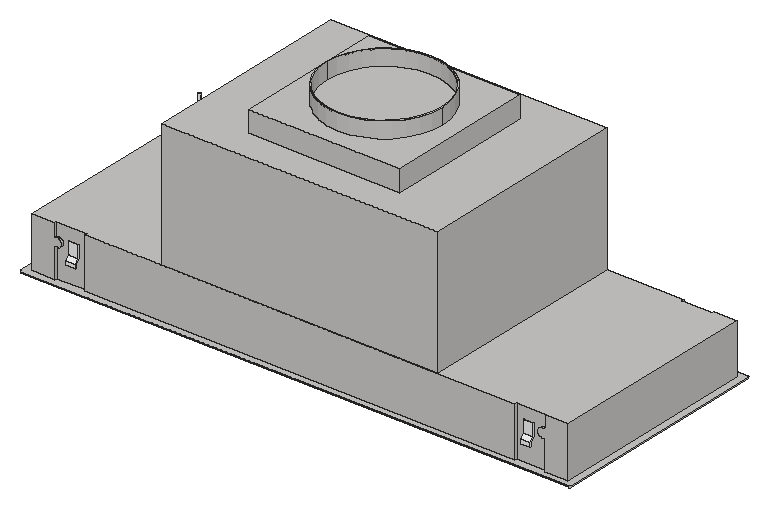
Revit family "FP_Revit_18_HPB12048-2_Rangehood_90000964B", category Specialty Equipment, Revit 2018
Family settings
  Round Connector Dimension = Use Diameter
  Part Type = Normal
  OmniClass Number = 23.40.40.00
  OmniClass Title = Food Service Equipment and Furnishings
  Work Plane-Based = No
  Always vertical = Yes
  Cut with Voids When Loaded = Yes
  Shared = No
  Room Calculation Point = No
Parameters
  Visibility - Duct Adaptor = yes
  Visibility - Clearance Required = yes
  URL = "www.fisherpaykel.com"
  Product - Width = 1180 mm  # constant formula
  Product - Height = 462 mm  # constant formula
  Product - Depth = 480 mm  # constant formula
  Model = "HPB12048-2"
  Material - Glass = Fisher & Paykel - White Bezel
  Material - Body = Fisher & Paykel - Stainless Steel
  Manufacturer = "Fisher & Paykel Appliances"
  FFL Offset [instance] = 1550 mm
  Description = "120cm Integrated Insert Rangehood"
  Connector Description - Extraction = "250mm Outside diameter of ducting outlet, 1910m³/hr"
  Connector Description - Electrical = "230 V, 15 A, Fused electrical supply"
  Chassis - Width = 1150 mm  # constant formula
  Chassis - Height = 380 mm  # constant formula
  Chassis - Depth = 452 mm  # constant formula
  Cavity - Width = 1155 mm  # constant formula
  Cavity - Height = 435 mm  # constant formula
  Cavity - Depth = 455 mm  # constant formula
Reference planes
  plane 1 "Center (Front/Back)": y = 0
  plane 2: z = 0
  plane 3 "Center (Left/Right)": x = 0
  plane 4 "Product LHS": x = -590
  plane 5 "Product RHS": x = 590
  plane 6 "Product Front": y = -240
  plane 7 "Cavity LHS": x = -577.5
  plane 8 "Cavity RHS": x = 577.5
  plane 9 "Product Rear": y = 240
  plane 10 "Chassis LHS": x = -575
  plane 11 "Chassis RHS": x = 575
  plane 12 "Product - Height": z = 2009.5
  plane 13 "Chassis Front": y = -226
  plane 14 "Chassis Rear": y = 226
  plane 15 "Cavity Rear": y = 227.5
  plane 16 "Cavity Front": y = -227.5
  plane 17 "Cavity - Height": z = 1985
  plane 18 "Buttons": through (527.9, -1524, 17.365) normal (0.3775, 0, 0.926)
  plane 19 "FFL Offset": z = 1550
Forms (mm)
  Extrusion 1, solid, material "Fisher & Paykel - Stainless Steel" <- "Material - Body"
    sketch origin (0, 0, 0) x (1, 0, 0) y (0, 0, 1)
      loop
        line (-295.25, 1658.4) -> (295.25, 1658.4) -> (295.25, 1930) -> (-295.25, 1930) -> (-295.25, 1658.4)
    from -226 to 226
  Extrusion 2, solid, material "Fisher & Paykel - Stainless Steel" <- "Material - Body", visible <- "Visibility - Duct Adaptor"
    sketch origin (0, 0, 0) x (1, 0, 0) y (0, 1, 0)
      loop
        circle (0, 0) r 123
      loop
        circle (0, 0) r 125
    from 1975.6 to 2009.5
  Extrusion 3, solid, material "Fisher & Paykel - Clearance Required", visible <- "Visibility - Clearance Required", detail levels coarse
    sketch origin (0, 0, 0) x (1, 0, 0) y (0, 1, 0)
      loop
        line (-577.5, 227.5) -> (-577.5, -227.5) -> (577.5, -227.5) -> (577.5, 227.5) -> (-577.5, 227.5)
    from 1550 to 1985
  Extrusion 4, void
    sketch origin (0, 0, 0) x (1, 0, 0) y (0, 1, 0)
      loop
        line (-577.5, 227.5) -> (-577.5, -227.5) -> (577.5, -227.5) -> (577.5, 227.5) -> (-577.5, 227.5)
    from 1550 to 1985
  Extrusion 5, solid, material "Fisher & Paykel - Clearance Required", visible <- "Visibility - Clearance Required", detail levels coarse
    sketch origin (0, 0, 0) x (1, 0, 0) y (0, 1, 0)
      loop
        circle (0, 0) r 130
    from 1985 to 2009.5
  Extrusion 6, solid, material "Fisher & Paykel - Stainless Steel" <- "Material - Body", visible <- "Visibility - Duct Adaptor"
    sketch origin (0, 0, 0) x (1, 0, 0) y (0, 1, 0)
      loop
        line (-161.5, 161.5) -> (-161.5, -161.5) -> (161.5, -161.5) -> (161.5, 161.5) -> (-161.5, 161.5)
    from 1930 to 1975.6
  Extrusion 7, void
    sketch origin (0, 0, 0) x (1, 0, 0) y (0, 1, 0)
      loop
        circle (0, 0) r 130
    from 1985 to 2009.5
  Extrusion 8, solid, material "Fisher & Paykel - Stainless Steel" <- "Material - Body"
    sketch origin (0, 0, 0) x (1, 0, 0) y (0, 1, 0)
      loop
        circle (-82.5, 0) r 75
      loop
        circle (-82.5, 0) r 74
      loop
        circle (82.5, 0) r 75
      loop
        circle (82.5, 0) r 74
    from 1930 to 1954.5
Text (mm)
  text "Due to ongoing product development, product details are subject to change without notice. \nPlease always refer to www.fisherpaykel.com for the most current product information. \n© Fisher & Paykel 2020" at (41.04, -1225.549, 0), in view "Ref. Level (Plan)"
Dimensions and locks
  equal spacing: plane 4 "Product LHS", plane 3 "Center (Left/Right)", plane 5 "Product RHS"
  "Product - Width": plane 4 "Product LHS" to plane 5 "Product RHS"
  equal spacing: plane 7 "Cavity LHS", plane 3 "Center (Left/Right)", plane 8 "Cavity RHS"
  "Cavity - Width": plane 7 "Cavity LHS" to plane 8 "Cavity RHS"
  equal spacing: plane 9 "Product Rear", plane 1 "Center (Front/Back)", plane 6 "Product Front"
  "Product - Depth": plane 9 "Product Rear" to plane 6 "Product Front"
  equal spacing: plane 10 "Chassis LHS", plane 3 "Center (Left/Right)", plane 11 "Chassis RHS"
  "Chassis - Width": plane 10 "Chassis LHS" to plane 11 "Chassis RHS"
  equal spacing: plane 14 "Chassis Rear", plane 1 "Center (Front/Back)", plane 13 "Chassis Front"
  "Chassis - Depth": plane 14 "Chassis Rear" to plane 13 "Chassis Front"
  equal spacing: plane 15 "Cavity Rear", plane 1 "Center (Front/Back)", plane 16 "Cavity Front"
  "Cavity - Depth": plane 15 "Cavity Rear" to plane 16 "Cavity Front"
  "FFL Offset": plane 19 "FFL Offset" to level
  "Chassis - Height": Extrusion 1 to plane 19 "FFL Offset"
  locked: Extrusion 6 to plane 19 "FFL Offset" at 425.6
  plane 12 "Product - Height" to plane 19 "FFL Offset" = 459.5 mm
  "Cavity - Height": plane 19 "FFL Offset" to plane 17 "Cavity - Height"
  locked: plane 19 "FFL Offset" to Extrusion 1 at 108.4
  locked: nested 1 to plane 19 "FFL Offset" at 108.4
  locked: Extrusion 8 to plane 19 "FFL Offset" at 404.5
  aligned and locked: level to plane 2
  aligned and locked: plane 14 "Chassis Rear" to Extrusion 1
  aligned and locked: Extrusion 1 to plane 13 "Chassis Front"
  aligned and locked: plane 8 "Cavity RHS" to Extrusion 3 sketch curve
  aligned and locked: plane 16 "Cavity Front" to Extrusion 3 sketch curve
  aligned and locked: Extrusion 3 sketch curve to plane 7 "Cavity LHS"
  aligned and locked: Extrusion 3 sketch curve to plane 15 "Cavity Rear"
  aligned and locked: Extrusion 3 to plane 17 "Cavity - Height"
  aligned and locked: Extrusion 6 to Extrusion 2
  aligned and locked: Extrusion 2 to plane 12 "Product - Height"
  aligned and locked: Extrusion 6 to Extrusion 1
  aligned and locked: Extrusion 5 to Extrusion 2
  aligned and locked: Extrusion 5 to Extrusion 3
  aligned and locked: Extrusion 7 to Extrusion 2
  aligned and locked: Extrusion 7 to Extrusion 3
  aligned and locked: Extrusion 4 to Extrusion 3  (x2)
  aligned and locked: Extrusion 3 to plane 19 "FFL Offset"
  aligned and locked: Extrusion 8 to Extrusion 1
Automatic sketch dimensions
  Extrusion 2 sketch curve to Extrusion 2 sketch curve = 0 mm  (x2)
  Extrusion 2 sketch curve to plane 3 "Center (Left/Right)" = 0 mm
  Extrusion 2 sketch curve to plane 1 "Center (Front/Back)" = 0 mm
  Extrusion 5 sketch curve to plane 3 "Center (Left/Right)" = 0 mm
  Extrusion 5 sketch curve to plane 1 "Center (Front/Back)" = 0 mm
  Extrusion 7 sketch curve to plane 3 "Center (Left/Right)" = 0 mm
  Extrusion 7 sketch curve to plane 1 "Center (Front/Back)" = 0 mm
  plane 17 "Cavity - Height" to Extrusion 1 sketch curve = 55 mm
  Extrusion 1 sketch curve to plane 11 "Chassis RHS" = 279.75 mm
  Extrusion 3 sketch curve to plane 8 "Cavity RHS" = 0 mm
  Extrusion 4 sketch curve to plane 7 "Cavity LHS" = 0 mm
  Extrusion 4 sketch curve to plane 8 "Cavity RHS" = 0 mm
  Extrusion 4 sketch curve to plane 16 "Cavity Front" = 0 mm
  Extrusion 4 sketch curve to plane 15 "Cavity Rear" = 0 mm
  plane 13 "Chassis Front" to Extrusion 6 sketch curve = 64.5 mm
  Extrusion 6 sketch curve to plane 3 "Center (Left/Right)" = 161.5 mm
  plane 3 "Center (Left/Right)" to Extrusion 6 sketch curve = 161.5 mm
  Extrusion 6 sketch curve to plane 14 "Chassis Rear" = 64.5 mm
  plane 10 "Chassis LHS" to Extrusion 1 sketch curve = 279.75 mm
  level to Extrusion 1 sketch curve = 1658.4 mm
  Extrusion 8 sketch curve to Extrusion 8 sketch curve = 0 mm  (x4)
  plane 1 "Center (Front/Back)" to Extrusion 8 sketch curve = 0 mm  (x2)
  Extrusion 8 sketch curve to plane 3 "Center (Left/Right)" = 82.5 mm
  plane 3 "Center (Left/Right)" to Extrusion 8 sketch curve = 82.5 mm
  radius of Extrusion 2 sketch curve = 123 mm
  radius of Extrusion 2 sketch curve = 125 mm
  radius of Extrusion 5 sketch curve = 130 mm
  radius of Extrusion 7 sketch curve = 130 mm
  radius of Extrusion 8 sketch curve = 75 mm  (x2)
  radius of Extrusion 8 sketch curve = 74 mm  (x2)
Nested families
  nested 1: "HPB12048-2" at (0, 0, 1550), type "HPB12048-2"
Connectors
  hvac at (0, 0, 2009.5), driven by "Connector Description - Extraction"
    settings: on Extrusion 2, index 2, duct flow 530.0 L/s, flow factor 0, pres drop 0.0 Pa, loss coef 0, conn angle 0.00°, conn width 304.8 mm, conn height 304.8 mm, conn diameter 250 mm, duct sys type 3, conn prof type 0, flow config 0, flow direction 2, loss method 0, conn ref index -1, conn util no, is conn primary yes, conn desc "250mm Outside diameter of ducting outlet, 1910m³/hr"
  electrical at (-551.44, 194.007, 1713.4), driven by "Connector Description - Electrical"
    settings: on nested 1, index 3, voltage 230 V, apparent load 0 VA, apparent load phase1 0 VA, apparent load phase2 0 VA, apparent load phase3 0 VA, power factor 1, load classification "Other", number of poles 1, system type 30, power factor state 1, is connector primary yes, connector utility no, sub classification motor no, connector description "230 V, 15 A, Fused electrical supply"
Definition of nested family "HPB12048-2"
  Parameters (values of type "HPB12048-2")
    URL = "www.fisherpaykel.com"
    Product - Width = 1180 mm  # constant formula
    Product - Depth = 480 mm  # constant formula
    Model = "HPB 12048-2"
    Material - Glass = none
    Material - Body = none
    Manufacturer = ""
    Description = ""
    Chassis - Width = 1150 mm  # constant formula
    Chassis - Depth = 452 mm  # constant formula
  Reference planes
    plane 1 "Center (Front/Back)": y = 0
    plane 2: z = 0
    plane 3 "Center (Left/Right)": x = 0
    plane 4 "Product LHS": x = -590
    plane 5 "Product RHS": x = 590
    plane 6 "Product Front": y = -240
    plane 7 "Product Rear": y = 240
    plane 8 "Chassis LHS": x = -575
    plane 9 "Chassis RHS": x = 575
    plane 10 "Chassis Front": y = -226
    plane 11 "Chassis Rear": y = 226
    plane 12 "Buttons": through (527.9, -1524, 17.365) normal (0.3775, 0, 0.926)
  Forms (mm)
    Extrusion 1, solid, material <- "Material - Body"
      sketch origin (0, 0, 0) x (1, 0, 0) y (0, 0, 1)
        loop
          line (-575, 0) -> (575, 0) -> (575, 108.4) -> (-575, 108.4) -> (-575, 0)
      from -226 to 226
    Extrusion 2, solid, material <- "Material - Body"
      sketch origin (0, 0, 0) x (1, 0, 0) y (0, 1, 0)
        loop
          line (586.5, 240) -> (-586.5, 240)
          arc (-586.5, 240) -> (-588.975, 238.975) -> (-590, 236.5) r 3.5
          line (-590, 236.5) -> (-590, -236.5)
          arc (-590, -236.5) -> (-588.975, -238.975) -> (-586.5, -240) r 3.5
          line (-586.5, -240) -> (586.5, -240)
          arc (586.5, -240) -> (588.975, -238.975) -> (590, -236.5) r 3.5
          line (590, -236.5) -> (590, 236.5)
          arc (590, 236.5) -> (588.975, 238.975) -> (586.5, 240) r 3.5
        loop
          line (570.5, 220) -> (-570.5, 220) -> (-570.5, -220) -> (570.5, -220) -> (570.5, 220)
      from -2.5 to 0
    Extrusion 3, void
      sketch origin (0, 0, 0) x (1, 0, 0) y (0, 0, 1)
        loop
          line (-526.17, 108.4) -> (-526.17, 81.59) -> (-519.42, 81.59)
          arc (-519.42, 81.59) -> (-510.42, 72.59) -> (-519.42, 63.59) r 9
          line (-519.42, 63.59) -> (-525.307, 63.59) -> (-525.307, 0) -> (-461.02, 0) -> (-461.02, 108.4) -> (-526.17, 108.4)
        loop
          line (526.17, 108.4) -> (461.02, 108.4) -> (461.02, 0) -> (525.307, 0) -> (525.307, 63.59) -> (519.42, 63.59)
          arc (519.42, 63.59) -> (510.42, 72.59) -> (519.42, 81.59) r 9
          line (519.42, 81.59) -> (526.17, 81.59) -> (526.17, 108.4)
      from 222 to 226
    Extrusion 4, void
      sketch origin (0, 0, 0) x (1, 0, 0) y (0, 0, -1)
        loop
          line (-526.17, -108.4) -> (-461.02, -108.4) -> (-461.02, 0) -> (-525.557, 0) -> (-525.557, -63.59) -> (-519.42, -63.59)
          arc (-519.42, -63.59) -> (-510.42, -72.59) -> (-519.42, -81.59) r 9
          line (-519.42, -81.59) -> (-526.17, -81.59) -> (-526.17, -108.4)
        loop
          line (526.17, -108.4) -> (526.17, -81.59) -> (519.42, -81.59)
          arc (519.42, -81.59) -> (510.42, -72.59) -> (519.42, -63.59) r 9
          line (519.42, -63.59) -> (525.557, -63.59) -> (525.557, 0) -> (461.02, 0) -> (461.02, -108.4) -> (526.17, -108.4)
      from 222 to 226
    Extrusion 5, solid, detail levels fine
      sketch origin (0, 0, 0) x (0, 1, 0) y (0, 0, 1)
        loop
          line (-231.082, 47.589) -> (-231.082, 39.32) -> (-229.882, 39.32) -> (-229.882, 47.095) -> (-222, 54.977) -> (-222, 82.186) -> (-223.2, 82.186) -> (-223.2, 55.471) -> (-231.082, 47.589)
      from -497.517 to -477.323
    Extrusion 6, void
      sketch origin (0, 0, 0) x (1, 0, 0) y (0, 0, 1)
        loop
          line (-570.5, -2.5) -> (570.5, -2.5) -> (570.5, 0) -> (527.9, 17.365) -> (-527.9, 17.365) -> (-570.5, 0) -> (-570.5, -2.5)
      from -220 to 220
    Extrusion 7, void
      sketch origin (0, 0, 0) x (0, 1, 0) y (0, 0, 1)
        loop
          line (220, 17.365) -> (206.782, 67.5) -> (-167.2, 67.5) -> (-167.2, 29.5) -> (-187.6, 29.5) -> (-187.6, 67.5) -> (-220, 67.5) -> (-220, 17.365) -> (220, 17.365)
      from -525.307 to 525.307
    Extrusion 8, solid, material <- "Material - Body", detail levels medium+fine
      sketch origin (0, 0, 0) x (1, 0, 0) y (0, 0, 1)
        loop
          line (465.202, 39.229) -> (439.608, 39.229) -> (439.608, 19.87) -> (465.202, 19.87) -> (465.202, 39.229)
        loop
          line (427.702, 39.229) -> (402.108, 39.229) -> (402.108, 19.87) -> (427.702, 19.87) -> (427.702, 39.229)
        loop
          line (390.202, 39.229) -> (364.608, 39.229) -> (364.608, 19.87) -> (390.202, 19.87) -> (390.202, 39.229)
        loop
          line (352.702, 39.229) -> (327.108, 39.229) -> (327.108, 19.87) -> (352.702, 19.87) -> (352.702, 39.229)
        loop
          line (315.202, 39.229) -> (302.4, 39.229) -> (302.4, 19.87) -> (315.202, 19.87) -> (315.202, 39.229)
        loop
          line (477.108, 39.229) -> (477.108, 19.87) -> (502.702, 19.87) -> (502.702, 39.229) -> (477.108, 39.229)
        loop
          line (514.608, 39.229) -> (514.608, 19.87) -> (525.307, 19.87) -> (525.307, 39.229) -> (514.608, 39.229)
        loop
          line (299.7, 39.229) -> (286.898, 39.229) -> (286.898, 19.87) -> (299.7, 19.87) -> (299.7, 39.229)
        loop
          line (274.992, 39.229) -> (249.398, 39.229) -> (249.398, 19.87) -> (274.992, 19.87) -> (274.992, 39.229)
        loop
          line (237.492, 39.229) -> (211.898, 39.229) -> (211.898, 19.87) -> (237.492, 19.87) -> (237.492, 39.229)
        loop
          line (199.992, 39.229) -> (174.398, 39.229) -> (174.398, 19.87) -> (199.992, 19.87) -> (199.992, 39.229)
        loop
          line (162.492, 39.229) -> (136.898, 39.229) -> (136.898, 19.87) -> (162.492, 19.87) -> (162.492, 39.229)
        loop
          line (124.992, 39.229) -> (99.398, 39.229) -> (99.398, 19.87) -> (124.992, 19.87) -> (124.992, 39.229)
        loop
          line (61.908, 39.229) -> (61.908, 19.87) -> (87.492, 19.87) -> (87.492, 39.229) -> (61.908, 39.229)
        loop
          line (24.408, 39.229) -> (24.408, 19.87) -> (50.002, 19.87) -> (50.002, 39.229) -> (24.408, 39.229)
        loop
          line (12.502, 39.229) -> (1, 39.229) -> (1, 19.87) -> (12.502, 19.87) -> (12.502, 39.229)
        loop
          line (-465.452, 39.229) -> (-465.452, 19.87) -> (-439.858, 19.87) -> (-439.858, 39.229) -> (-465.452, 39.229)
        loop
          line (-427.952, 39.229) -> (-427.952, 19.87) -> (-402.358, 19.87) -> (-402.358, 39.229) -> (-427.952, 39.229)
        loop
          line (-390.452, 39.229) -> (-390.452, 19.87) -> (-364.858, 19.87) -> (-364.858, 39.229) -> (-390.452, 39.229)
        loop
          line (-352.952, 39.229) -> (-352.952, 19.87) -> (-327.358, 19.87) -> (-327.358, 39.229) -> (-352.952, 39.229)
        loop
          line (-315.452, 39.229) -> (-315.452, 19.87) -> (-302.65, 19.87) -> (-302.65, 39.229) -> (-315.452, 39.229)
        loop
          line (-477.358, 39.229) -> (-502.952, 39.229) -> (-502.952, 19.87) -> (-477.358, 19.87) -> (-477.358, 39.229)
        loop
          line (-514.858, 39.229) -> (-525.557, 39.229) -> (-525.557, 19.87) -> (-514.858, 19.87) -> (-514.858, 39.229)
        loop
          line (-299.95, 39.229) -> (-299.95, 19.87) -> (-287.148, 19.87) -> (-287.148, 39.229) -> (-299.95, 39.229)
        loop
          line (-275.242, 39.229) -> (-275.242, 19.87) -> (-249.648, 19.87) -> (-249.648, 39.229) -> (-275.242, 39.229)
        loop
          line (-237.742, 39.229) -> (-237.742, 19.87) -> (-212.148, 19.87) -> (-212.148, 39.229) -> (-237.742, 39.229)
        loop
          line (-200.242, 39.229) -> (-200.242, 19.87) -> (-174.648, 19.87) -> (-174.648, 39.229) -> (-200.242, 39.229)
        loop
          line (-162.742, 39.229) -> (-162.742, 19.87) -> (-137.148, 19.87) -> (-137.148, 39.229) -> (-162.742, 39.229)
        loop
          line (-125.242, 39.229) -> (-125.242, 19.87) -> (-99.648, 19.87) -> (-99.648, 39.229) -> (-125.242, 39.229)
        loop
          line (-62.158, 39.229) -> (-87.742, 39.229) -> (-87.742, 19.87) -> (-62.158, 19.87) -> (-62.158, 39.229)
        loop
          line (-24.408, 39.229) -> (-50.252, 39.229) -> (-50.252, 19.87) -> (-24.408, 19.87) -> (-24.408, 39.229)
        loop
          line (-12.502, 39.229) -> (-12.502, 19.87) -> (-1, 19.87) -> (-1, 39.229) -> (-12.502, 39.229)
      from -198.187 to 167.2
    Extrusion 9, solid, material <- "Material - Body", detail levels medium+fine
      sketch origin (0, 0, 0) x (0, 1, 0) y (0, 0, 1)
        loop
          line (198.187, 39.229) -> (198.187, 19.333) -> (210.095, 16.053) -> (217.213, 19.87) -> (217.213, 25.663) -> (213.831, 39.229) -> (198.187, 39.229)
      from -525.307 to 525.307
    Extrusion 10, solid, material <- "Material - Body", detail levels fine
      sketch origin (0, 0, 0) x (1, 0, 0) y (0, 1, 0)
        loop
          circle (415.186, 95.206) r 6
        loop
          circle (415.186, -99.698) r 6
        loop
          circle (149.687, 95.206) r 6
        loop
          circle (149.688, -99.698) r 6
        loop
          circle (-415.186, 95.206) r 6
        loop
          circle (-415.186, -99.698) r 6
        loop
          circle (-149.688, 95.206) r 6
        loop
          circle (-149.688, -99.698) r 6
      from 13 to 19.87
    Extrusion 11, solid, detail levels fine
      sketch origin (0, 0, 0) x (0, 1, 0) y (0, 0, -1)
        loop
          line (-231.082, -47.589) -> (-223.2, -55.471) -> (-223.2, -82.186) -> (-222, -82.186) -> (-222, -54.977) -> (-229.882, -47.095) -> (-229.882, -39.32) -> (-231.082, -39.32) -> (-231.082, -47.589)
      from -497.517 to -477.323
    Extrusion 12, solid, detail levels fine
      sketch origin (0, 0, 0) x (0, -1, 0) y (0, 0, -1)
        loop
          line (-231.082, -47.589) -> (-223.2, -55.471) -> (-223.2, -82.186) -> (-222, -82.186) -> (-222, -54.977) -> (-229.882, -47.095) -> (-229.882, -39.32) -> (-231.082, -39.32) -> (-231.082, -47.589)
      from -497.517 to -477.323
    Extrusion 13, solid, detail levels fine
      sketch origin (0, 0, 0) x (0, -1, 0) y (0, 0, 1)
        loop
          line (-231.082, 47.589) -> (-231.082, 39.32) -> (-229.882, 39.32) -> (-229.882, 47.095) -> (-222, 54.977) -> (-222, 82.186) -> (-223.2, 82.186) -> (-223.2, 55.471) -> (-231.082, 47.589)
      from -497.517 to -477.323
    Extrusion 14, solid
      sketch origin (0, -2.5, 0) x (1, 0, 0) y (0, 1, 0)
        loop
          line (-559.71, 208.6) -> (-559.71, 184) -> (-548.62, 184) -> (-543.21, 189.41) -> (-543.21, 203.604) -> (-548.206, 208.6) -> (-559.71, 208.6)
      from 108.4 to 133.4
    Extrusion 15, solid
      sketch origin (0, -2.5, 0) x (1, 0, 0) y (0, 1, 0)
        loop
          circle (-551.44, 196.507) r 3
      from 133.4 to 163.4
    Extrusion 16, solid, material <- "Material - Glass", detail levels fine
      sketch origin (0, 0, 0) x (0, 1, 0) y (0, 0, 1)
        loop
          line (-220, 67.5) -> (-220, 29.5) -> (-187.6, 29.5) -> (-187.6, 67.5) -> (-220, 67.5)
      from -525.307 to 525.307
  Cuts and joins
    Extrusion 3, Extrusion 4, Extrusion 6, Extrusion 7 cuts Extrusion 1
    Extrusion 4 cuts Extrusion 2
  Text (mm)
    text "Due to ongoing product development, product details are subject to change without notice. \nPlease always refer to www.fisherpaykel.com for the most current product information. \n© Fisher & Paykel 2020" at (41.04, -1225.549, 0), in view "Ref. Level (Plan)"
  Dimensions and locks
    equal spacing: plane 4 "Product LHS", plane 3 "Center (Left/Right)", plane 5 "Product RHS"
    "Product - Width": plane 4 "Product LHS" to plane 5 "Product RHS"
    equal spacing: plane 7 "Product Rear", plane 1 "Center (Front/Back)", plane 6 "Product Front"
    "Product - Depth": plane 7 "Product Rear" to plane 6 "Product Front"
    equal spacing: plane 8 "Chassis LHS", plane 3 "Center (Left/Right)", plane 9 "Chassis RHS"
    "Chassis - Width": plane 8 "Chassis LHS" to plane 9 "Chassis RHS"
    locked: level to cut or joined group of Extrusion 2, Extrusion 4 at 2.5  (x2)
    locked: cut or joined group of Extrusion 1, Extrusion 3, Extrusion 4, Extrusion 6, Extrusion 7 to level at 108.4
    equal spacing: plane 11 "Chassis Rear", plane 1 "Center (Front/Back)", plane 10 "Chassis Front"
    "Chassis - Depth": plane 11 "Chassis Rear" to plane 10 "Chassis Front"
    plane 1 "Center (Front/Back)" to Extrusion 15 = 194.007 mm
    aligned and locked: level to plane 2
    aligned and locked: plane 8 "Chassis LHS" to Extrusion 1 sketch curve
    aligned and locked: Extrusion 1 sketch curve to plane 9 "Chassis RHS"
    aligned and locked: level to Extrusion 1 sketch curve
    aligned and locked: Extrusion 2 sketch curve to plane 7 "Product Rear"
    aligned and locked: plane 4 "Product LHS" to Extrusion 2 sketch curve
    aligned and locked: Extrusion 2 sketch curve to plane 6 "Product Front"
    aligned and locked: Extrusion 2 sketch curve to plane 5 "Product RHS"
    aligned and locked: Extrusion 1 to Extrusion 4
    aligned and locked: Extrusion 1 to Extrusion 3
    aligned and locked: plane 11 "Chassis Rear" to Extrusion 1
    aligned and locked: Extrusion 1 to plane 10 "Chassis Front"
    aligned and locked: Extrusion 1 to plane 8 "Chassis LHS"
    aligned and locked: plane 9 "Chassis RHS" to Extrusion 1
    aligned and locked: cut or joined group of Extrusion 1, Extrusion 3, Extrusion 4, Extrusion 6, Extrusion 7 to Extrusion 9  (x2)
  Automatic sketch dimensions
    level to Extrusion 1 sketch curve = 108.4 mm
    Extrusion 3 sketch curve to level = 0 mm  (x2)
    plane 8 "Chassis LHS" to Extrusion 3 sketch curve = 48.83 mm
    plane 8 "Chassis LHS" to Extrusion 3 sketch curve = 49.693 mm
    Extrusion 3 sketch curve to Extrusion 3 sketch curve = 6.75 mm  (x2)
    Extrusion 3 sketch curve to Extrusion 3 sketch curve = 58.4 mm
    Extrusion 3 sketch curve to plane 9 "Chassis RHS" = 113.98 mm
    Extrusion 3 sketch curve to plane 9 "Chassis RHS" = 55.58 mm
    Extrusion 3 sketch curve to plane 9 "Chassis RHS" = 49.693 mm
    level to Extrusion 3 sketch curve = 63.59 mm  (x2)
    Extrusion 3 sketch curve to Extrusion 3 sketch curve = 9 mm  (x2)
    Extrusion 3 sketch curve to Extrusion 3 sketch curve = 26.81 mm  (x2)
    Extrusion 4 sketch curve to level = 0 mm  (x2)
    plane 8 "Chassis LHS" to Extrusion 4 sketch curve = 48.83 mm
    plane 8 "Chassis LHS" to Extrusion 4 sketch curve = 49.443 mm
    Extrusion 4 sketch curve to Extrusion 4 sketch curve = 6.75 mm  (x2)
    Extrusion 4 sketch curve to Extrusion 4 sketch curve = 58.4 mm
    Extrusion 4 sketch curve to plane 9 "Chassis RHS" = 113.98 mm
    Extrusion 4 sketch curve to plane 9 "Chassis RHS" = 55.58 mm
    Extrusion 4 sketch curve to plane 9 "Chassis RHS" = 49.443 mm
    level to Extrusion 4 sketch curve = 63.59 mm  (x2)
    Extrusion 4 sketch curve to Extrusion 4 sketch curve = 9 mm  (x2)
    Extrusion 4 sketch curve to Extrusion 4 sketch curve = 26.81 mm  (x2)
    Extrusion 5 sketch curve to Extrusion 5 sketch curve = 1.2 mm  (x2)
    plane 10 "Chassis Front" to Extrusion 5 sketch curve = 2.8 mm
    level to Extrusion 5 sketch curve = 39.32 mm
    Extrusion 5 sketch curve to Extrusion 5 sketch curve = 7.775 mm
    Extrusion 5 sketch curve to Extrusion 5 sketch curve = 0.494 mm  (x2)
    Extrusion 5 sketch curve to Extrusion 5 sketch curve = 7.882 mm
    Extrusion 5 sketch curve to Extrusion 5 sketch curve = 26.715 mm
    Extrusion 6 sketch curve to level = 0 mm  (x2)
    Extrusion 6 sketch curve to plane 12 "Buttons" = 0 mm  (x2)
    level to Extrusion 6 sketch curve = 17.365 mm
    plane 8 "Chassis LHS" to Extrusion 6 sketch curve = 47.1 mm
    plane 8 "Chassis LHS" to Extrusion 6 sketch curve = 4.5 mm
    Extrusion 6 sketch curve to level = 2.5 mm
    plane 8 "Chassis LHS" to Extrusion 8 sketch curve = 49.443 mm
    Extrusion 8 sketch curve to Extrusion 8 sketch curve = 10.699 mm  (x2)
    Extrusion 8 sketch curve to Extrusion 8 sketch curve = 11.905 mm  (x28)
    Extrusion 8 sketch curve to Extrusion 8 sketch curve = 25.595 mm  (x21)
    Extrusion 8 sketch curve to Extrusion 8 sketch curve = 12.802 mm  (x4)
    Extrusion 8 sketch curve to Extrusion 8 sketch curve = 2.7 mm  (x2)
    Extrusion 8 sketch curve to Extrusion 8 sketch curve = 25.585 mm  (x2)
    Extrusion 8 sketch curve to plane 3 "Center (Left/Right)" = 24.408 mm
    Extrusion 8 sketch curve to plane 3 "Center (Left/Right)" = 1 mm
    plane 3 "Center (Left/Right)" to Extrusion 8 sketch curve = 1 mm
    Extrusion 8 sketch curve to Extrusion 8 sketch curve = 11.502 mm
    level to Extrusion 8 sketch curve = 19.87 mm  (x7)
    Extrusion 8 sketch curve to Extrusion 8 sketch curve = 0 mm  (x50)
    Extrusion 8 sketch curve to Extrusion 8 sketch curve = 19.359 mm  (x7)
    Extrusion 9 sketch curve to plane 11 "Chassis Rear" = 27.813 mm
    Extrusion 9 sketch curve to Extrusion 9 sketch curve = 11.908 mm
    Extrusion 9 sketch curve to plane 11 "Chassis Rear" = 12.169 mm
    Extrusion 9 sketch curve to plane 11 "Chassis Rear" = 8.787 mm
    level to Extrusion 9 sketch curve = 16.053 mm
    Extrusion 9 sketch curve to Extrusion 9 sketch curve = 3.28 mm
    Extrusion 9 sketch curve to Extrusion 9 sketch curve = 3.817 mm
    Extrusion 9 sketch curve to Extrusion 9 sketch curve = 5.794 mm
    Extrusion 9 sketch curve to Extrusion 9 sketch curve = 13.565 mm
    plane 8 "Chassis LHS" to Extrusion 10 sketch curve = 159.814 mm  (x2)
    Extrusion 10 sketch curve to plane 3 "Center (Left/Right)" = 149.688 mm  (x2)
    plane 3 "Center (Left/Right)" to Extrusion 10 sketch curve = 149.688 mm
    plane 3 "Center (Left/Right)" to Extrusion 10 sketch curve = 149.687 mm
    Extrusion 10 sketch curve to plane 9 "Chassis RHS" = 159.814 mm  (x2)
    plane 1 "Center (Front/Back)" to Extrusion 10 sketch curve = 99.698 mm  (x4)
    Extrusion 10 sketch curve to plane 1 "Center (Front/Back)" = 95.206 mm  (x4)
    Extrusion 11 sketch curve to Extrusion 11 sketch curve = 1.2 mm  (x2)
    plane 10 "Chassis Front" to Extrusion 11 sketch curve = 2.8 mm
    level to Extrusion 11 sketch curve = 82.186 mm
    Extrusion 11 sketch curve to Extrusion 11 sketch curve = 26.715 mm
    Extrusion 11 sketch curve to Extrusion 11 sketch curve = 0.494 mm  (x2)
    Extrusion 11 sketch curve to Extrusion 11 sketch curve = 7.882 mm
    Extrusion 11 sketch curve to Extrusion 11 sketch curve = 7.775 mm
    Extrusion 12 sketch curve to Extrusion 12 sketch curve = 1.2 mm  (x2)
    plane 11 "Chassis Rear" to Extrusion 12 sketch curve = 2.8 mm
    Extrusion 12 sketch curve to level = 39.32 mm
    Extrusion 12 sketch curve to Extrusion 12 sketch curve = 7.775 mm
    Extrusion 12 sketch curve to Extrusion 12 sketch curve = 0.494 mm  (x2)
    Extrusion 12 sketch curve to Extrusion 12 sketch curve = 7.882 mm
    Extrusion 12 sketch curve to Extrusion 12 sketch curve = 26.715 mm
    Extrusion 13 sketch curve to Extrusion 13 sketch curve = 1.2 mm  (x2)
    Extrusion 13 sketch curve to plane 11 "Chassis Rear" = 2.8 mm
    level to Extrusion 13 sketch curve = 39.32 mm
    Extrusion 13 sketch curve to Extrusion 13 sketch curve = 7.775 mm
    Extrusion 13 sketch curve to Extrusion 13 sketch curve = 0.494 mm  (x2)
    Extrusion 13 sketch curve to Extrusion 13 sketch curve = 7.882 mm
    Extrusion 13 sketch curve to Extrusion 13 sketch curve = 26.715 mm
    plane 8 "Chassis LHS" to Extrusion 14 sketch curve = 15.29 mm
    Extrusion 14 sketch curve to Extrusion 14 sketch curve = 11.09 mm
    Extrusion 14 sketch curve to Extrusion 14 sketch curve = 11.504 mm
    Extrusion 14 sketch curve to Extrusion 14 sketch curve = 4.996 mm  (x2)
    Extrusion 14 sketch curve to plane 11 "Chassis Rear" = 44.5 mm
    Extrusion 14 sketch curve to Extrusion 14 sketch curve = 5.41 mm
    Extrusion 14 sketch curve to Extrusion 14 sketch curve = 14.194 mm
    plane 8 "Chassis LHS" to Extrusion 15 sketch curve = 23.56 mm
    Extrusion 15 sketch curve to plane 11 "Chassis Rear" = 31.993 mm
    plane 10 "Chassis Front" to Extrusion 16 sketch curve = 6 mm
    Extrusion 16 sketch curve to Extrusion 16 sketch curve = 32.4 mm
    level to Extrusion 16 sketch curve = 29.5 mm
    Extrusion 16 sketch curve to Extrusion 16 sketch curve = 38 mm
    Extrusion 7 sketch curve to plane 11 "Chassis Rear" = 19.218 mm
    Extrusion 7 sketch curve to plane 11 "Chassis Rear" = 6 mm
    Extrusion 7 sketch curve to Extrusion 7 sketch curve = 50.135 mm
    Extrusion 7 sketch curve to Extrusion 7 sketch curve = 0 mm
    Extrusion 7 sketch curve to Extrusion 7 sketch curve = 20.4 mm
    Extrusion 7 sketch curve to Extrusion 7 sketch curve = 52.8 mm
    plane 10 "Chassis Front" to Extrusion 7 sketch curve = 6 mm
    level to Extrusion 7 sketch curve = 17.365 mm
    Extrusion 7 sketch curve to Extrusion 7 sketch curve = 12.135 mm
    plane 9 "Chassis RHS" to Extrusion 2 sketch curve = 11.5 mm
    Extrusion 2 sketch curve to Extrusion 2 sketch curve = 3.5 mm  (x2)
    Extrusion 2 sketch curve to plane 4 "Product LHS" = 3.5 mm
    plane 8 "Chassis LHS" to Extrusion 2 sketch curve = 4.5 mm
    plane 10 "Chassis Front" to Extrusion 2 sketch curve = 6 mm
    Extrusion 2 sketch curve to plane 11 "Chassis Rear" = 6 mm
    Extrusion 2 sketch curve to plane 9 "Chassis RHS" = 4.5 mm
    Extrusion 5 sketch curve to plane 10 "Chassis Front" = 3.882 mm
    Extrusion 11 sketch curve to plane 10 "Chassis Front" = 3.882 mm
    Extrusion 12 sketch curve to plane 11 "Chassis Rear" = 3.882 mm
    plane 11 "Chassis Rear" to Extrusion 13 sketch curve = 3.882 mm
    radius of Extrusion 10 sketch curve = 6 mm  (x8)
    radius of Extrusion 15 sketch curve = 3 mm
